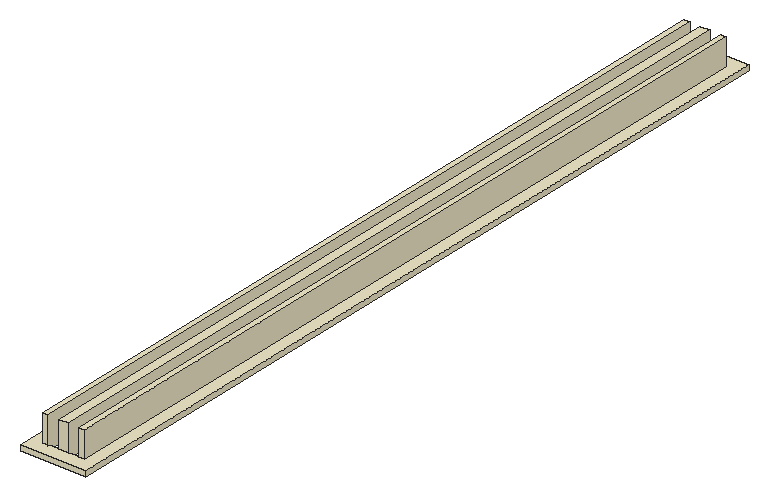
Revit family "2-Slot Diffuser(Return)", category Air Terminals, Revit 2013
Parameters
  Slot Width [instance] = 20 mm
  Slot Height [instance] = 50 mm
  Slot = Grille
  Plenum Length [instance] = 1500 mm
  Diffuser Service [instance] = "RLD2"
  Air Flow [instance] = 0.0 L/s
Reference planes
  plane 1 "Center (Front/Back)": y = 0
  plane 2: z = 0
  plane 3 "Center (Left/Right)": x = 0
  plane 4: z = -10
  plane 5: z = 50
  plane 6 "Flexible Top": z = 300
  plane 7: x = -125
  plane 8 "Flexible-Side": x = 125
  plane 9: z = 175
  plane 10 "Plenum End": y = 750
  plane 11 "Plenum Start": y = -750
  plane 12: x = -8.926
  plane 13: x = -28.926
  plane 14: x = -38.926
  plane 15: x = -60.926
  plane 16: x = 8.926
  plane 17: x = 28.926
  plane 18: x = 38.926
  plane 19: x = 60.926
  plane 20: y = -775
  plane 21: y = 775
Forms (mm)
  Extrusion 1, solid, material "Grille"
    sketch origin (0, -750, 0) x (-1, 0, 0) y (0, 0, 1)
      loop
        line (60.926, -10) -> (60.926, 0) -> (38.926, 0) -> (38.926, 50) -> (28.926, 50) -> (28.926, -10) -> (60.926, -10)
      loop
        line (8.926, -10) -> (8.926, 50) -> (-8.926, 50) -> (-8.926, -10) -> (8.926, -10)
      loop
        line (-28.926, 50) -> (-38.926, 50) -> (-38.926, 0) -> (-60.926, 0) -> (-60.926, -10) -> (-28.926, -10) -> (-28.926, 50)
    from 0 to 1500 <- "Plenum Length"
  Extrusion 2, solid, material "Grille"
    sketch origin (0, 0, 0) x (1, 0, 0) y (0, 1, 0)
      loop
        line (-60.926, -775) -> (60.926, -775) -> (60.926, -750) -> (-60.926, -750) -> (-60.926, -775)
    from 0 to -10
  Extrusion 3, solid, material "Grille"
    sketch origin (0, 0, 0) x (1, 0, 0) y (0, 1, 0)
      loop
        line (-60.926, 750) -> (60.926, 750) -> (60.926, 775) -> (-60.926, 775) -> (-60.926, 750)
    from 0 to -10
Cuts and joins
  joined: Extrusion 1, Extrusion 2, Extrusion 3
Lines and regions (mm)
  symbolic lines
    curve 1: line (-60.926, -750, 0) -> (60.926, -750, 0)
    curve 2: line (60.926, 750, 0) -> (-60.926, 750, 0)
    curve 6: line (-60.926, 750, 0) -> (60.926, 750, 0)
    curve 7: line (-60.926, -750, 0) -> (60.926, -750, 0)
  symbolic lines, style "DuctTerminal"
    curve 3: line (0, -750, 0) -> (0, 750, 0)
    curve 4: line (-60.926, 750, 0) -> (-60.926, -750, 0)
    curve 5: line (60.926, -750, 0) -> (60.926, 750, 0)
Dimensions and locks
  locked: level to plane 4 at 10
  "Slot Height": plane 5 to level
  equal spacing: plane 6 "Flexible Top", plane 9, plane 5
  plane 6 "Flexible Top" to plane 5 = 250 mm
  equal spacing: plane 8 "Flexible-Side", plane 3 "Center (Left/Right)", plane 7
  plane 8 "Flexible-Side" to plane 7 = 250 mm
  equal spacing: plane 10 "Plenum End", plane 1 "Center (Front/Back)", plane 11 "Plenum Start"
  "Plenum Length": plane 10 "Plenum End" to plane 11 "Plenum Start"
  equal spacing: plane 16, plane 3 "Center (Left/Right)", plane 12
  locked: plane 16 to plane 12 at 17.851
  "Slot Width": plane 12 to plane 13
  "Slot Width": plane 17 to plane 16
  locked: plane 13 to plane 14 at 10
  locked: plane 18 to plane 17 at 10
  locked: plane 19 to plane 18 at 22
  locked: plane 14 to plane 15 at 22
  locked: plane 21 to plane 10 "Plenum End" at 25
  locked: plane 11 "Plenum Start" to plane 20 at 25
  aligned and locked: level to plane 2
Automatic sketch dimensions
  Extrusion 1 sketch curve to level = 0 mm  (x2)
  Extrusion 1 sketch curve to plane 19 = 0 mm
  Extrusion 1 sketch curve to plane 5 = 0 mm  (x3)
  Extrusion 1 sketch curve to plane 18 = 0 mm
  Extrusion 1 sketch curve to plane 4 = 0 mm  (x3)
  Extrusion 1 sketch curve to plane 16 = 0 mm
  Extrusion 1 sketch curve to plane 12 = 0 mm
  Extrusion 1 sketch curve to plane 13 = 0 mm
  Extrusion 1 sketch curve to plane 14 = 0 mm
  Extrusion 1 sketch curve to plane 15 = 0 mm
  Extrusion 1 sketch curve to plane 17 = 0 mm
  Extrusion 2 sketch curve to plane 11 "Plenum Start" = 0 mm
  Extrusion 2 sketch curve to plane 15 = 0 mm
  Extrusion 2 sketch curve to plane 19 = 0 mm
  Extrusion 2 sketch curve to plane 20 = 0 mm
  Extrusion 3 sketch curve to plane 15 = 0 mm
  Extrusion 3 sketch curve to plane 19 = 0 mm
  Extrusion 3 sketch curve to plane 10 "Plenum End" = 0 mm
  Extrusion 3 sketch curve to plane 21 = 0 mm
  curve 1 to plane 15 = 0 mm
  curve 1 to plane 19 = 0 mm
  curve 6 to plane 10 "Plenum End" = 0 mm
  curve 7 to plane 11 "Plenum Start" = 0 mm
  curve 3 to plane 3 "Center (Left/Right)" = 0 mm
